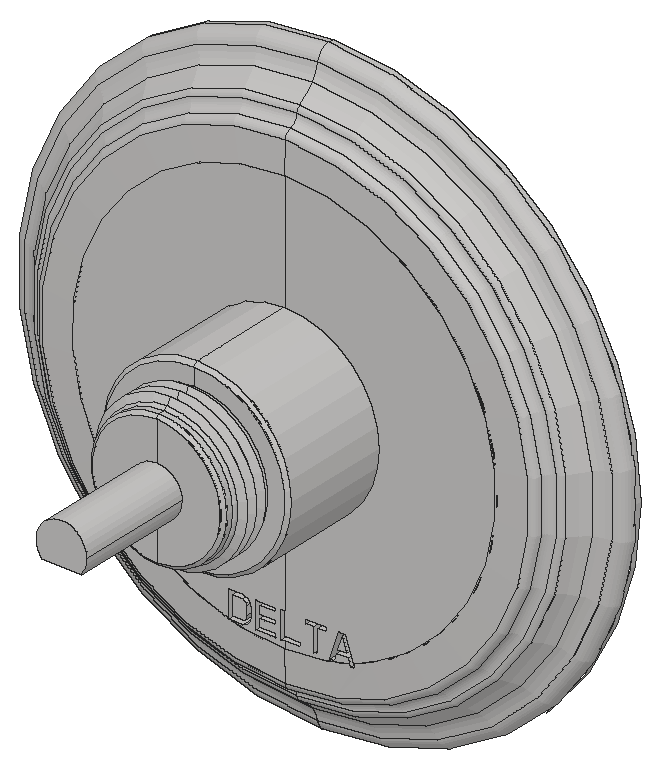
Revit family "Delta Bath Cassidy fgt11897-lhp", category Plumbing Fixtures, host Wall, Revit 2013
Parameters (values of type "Delta Bath Cassidy fgt11897-lhp")
  URL = "http://www.deltafaucet.com "
  Tap = Stainless Steel
  Model = "fgt11897-lhp"
  Manufacturer = "Delta"
  Depth = 0' - 3.97"
Reference planes (in)
  plane 1: y = 0
  plane 2 "Center (Left/Right)": x = 0
  plane 3 "Wall Edge": y = 3
  plane 4: y = -3
Text (in)
  text "Placement Side" at (0, 40.15149, 123.01588), in view "Right"
  text "Placement Side" at (-70.3804, 28.46503, 0), in view "Ref. Level"
  text "Placement Side" at (0, 81.62555, 140.59947), in view "Left"
Dimensions and locks (in)
  locked: plane 3 "Wall Edge" to host wall
  aligned and locked: plane 4 to host wall
  aligned and locked: plane 4 to nested 1
Nested families (in)
  nested 1: "Family16" at (0, -3, 0), type "Family16"
Definition of nested family "Family16"
  Parameters (values of type "Family16")
    Tap = Stainless Steel
  Reference planes (in)
    plane 1 "Center (Front/Back)": y = 0
    plane 2: z = 0
    plane 3 "Center (Left/Right)": x = 0
  Forms (in)
    Revolve 1, solid, material "Stainless Steel" <- "Tap"
      sketch origin (0, 4.623, -42.05888) x (0, 1, 0) y (0, 0, 1)
        loop
          line (-3.17, 66.49898) -> (-3, 66.49898) -> (-3, 66.61298) -> (-3.17, 66.61298) -> (-3.17, 66.49898)
        axis (-3.17, 66.61298) -> (-3, 66.61298)
      angle from 0 to 360
    Revolve 2, solid, material "Stainless Steel" <- "Tap"
      sketch origin (0, 4.623, -42.05888) x (0, 1, 0) y (0, 0, 1)
        loop
          line (-3.893, 67.69798) -> (-3.893, 67.05798) -> (-3.17, 67.05798) -> (-3.17, 67.69798) -> (-3.893, 67.69798)
        axis (-3.17, 67.05798) -> (-3.893, 67.05798)
      angle from 0 to 360
    Revolve 3, solid, material "Stainless Steel" <- "Tap"
      sketch origin (0, 4.623, -42.05888) x (0, 1, 0) y (0, 0, 1)
        loop
          arc (-3.893, 67.90598) -> (-3.90075, 67.92179) -> (-3.918, 67.92535) r 0.02
          arc (-3.918, 67.92535) -> (-3.93525, 67.92179) -> (-3.943, 67.90598) r 0.02
          line (-3.943, 67.90598) -> (-3.943, 67.87519)
          arc (-3.943, 67.87519) -> (-3.95341, 67.85712) -> (-3.973, 67.84998) r 0.03046
          line (-3.973, 67.84998) -> (-4.023, 67.84998)
          arc (-4.023, 67.84998) -> (-4.04259, 67.85712) -> (-4.053, 67.87519) r 0.03046
          line (-4.053, 67.87519) -> (-4.053, 67.90598)
          arc (-4.053, 67.90598) -> (-4.06075, 67.92179) -> (-4.078, 67.92535) r 0.02
          arc (-4.078, 67.92535) -> (-4.09525, 67.92179) -> (-4.103, 67.90598) r 0.02
          line (-4.103, 67.90598) -> (-4.103, 67.87519)
          arc (-4.103, 67.87519) -> (-4.11341, 67.85712) -> (-4.133, 67.84998) r 0.03046
          line (-4.133, 67.84998) -> (-4.183, 67.84998)
          arc (-4.183, 67.84998) -> (-4.20421, 67.85877) -> (-4.213, 67.87998) r 0.03
          line (-4.213, 67.87998) -> (-4.213, 67.92598) -> (-4.313, 67.92598)
          arc (-4.313, 67.92598) -> (-4.33421, 67.93477) -> (-4.343, 67.95598) r 0.03
          line (-4.343, 67.95598) -> (-4.343, 68.01798) -> (-4.423, 68.01798)
          arc (-4.423, 68.01798) -> (-4.43714, 68.01212) -> (-4.443, 67.99798) r 0.02
          line (-4.443, 67.99798) -> (-4.443, 67.77798)
          arc (-4.443, 67.77798) -> (-4.47229, 67.70727) -> (-4.543, 67.67798) r 0.1
          line (-4.543, 67.67798) -> (-4.623, 67.67798) -> (-4.623, 67.05798) -> (-3.893, 67.05798) -> (-3.893, 67.90598)
        axis (-4.623, 67.05798) -> (-3.893, 67.05798)
      angle from 0 to 360
    Revolve 4, solid, material "Stainless Steel" <- "Tap"
      sketch origin (0, 4.623, -42.05888) x (0, 1, 0) y (0, 0, 1)
        loop
          line (-4.623, 67.05845) -> (-4.623, 69.33298) -> (-4.663, 69.33298)
          arc (-4.663, 69.33298) -> (-4.73052, 69.30815) -> (-4.76585, 69.24548) r 0.1042
          arc (-4.76585, 69.24548) -> (-4.78389, 69.18717) -> (-4.81726, 69.13606) r 0.22
          arc (-4.81726, 69.13606) -> (-4.87081, 69.08321) -> (-4.93159, 69.03886) r 0.5067
          arc (-4.93159, 69.03886) -> (-4.95029, 69.02011) -> (-4.95909, 68.99515) r 0.06
          arc (-4.95909, 68.99515) -> (-4.97568, 68.94598) -> (-5.02008, 68.91913) r 0.07551
          arc (-5.02008, 68.91913) -> (-5.05312, 68.90042) -> (-5.06831, 68.86563) r 0.06
          arc (-5.06831, 68.86563) -> (-5.07625, 68.74795) -> (-5.0789, 68.63003) r 2.62622
          line (-5.0789, 68.63003) -> (-5.0789, 67.05845) -> (-4.623, 67.05845)
        axis (-5.0789, 67.05845) -> (-4.623, 67.05845)
      angle from 0 to 360
    Revolve 5, solid, material "Stainless Steel" <- "Tap"
      sketch origin (0, 4.623, -42.05888) x (0, 1, 0) y (0, 0, 1)
        loop
          line (-5.0789, 67.75798) -> (-5.88453, 67.75798) -> (-5.913, 67.72951) -> (-5.913, 67.0588) -> (-5.0789, 67.0588) -> (-5.0789, 67.75798)
        axis (-5.0789, 67.0588) -> (-5.913, 67.0588)
      angle from 0 to 360
    Revolve 6, solid, material "Stainless Steel" <- "Tap"
      sketch origin (0, 4.623, -42.05888) x (0, 1, 0) y (0, 0, 1)
        loop
          arc (-5.913, 67.59904) -> (-5.91754, 67.58229) -> (-5.9299, 67.57011) r 0.0332
          line (-5.9299, 67.57011) -> (-5.96151, 67.62425) -> (-5.99322, 67.56998)
          arc (-5.99322, 67.56998) -> (-6.01151, 67.57336) -> (-6.02343, 67.58764) r 0.0274
          line (-6.02343, 67.58764) -> (-6.04481, 67.62425) -> (-6.07652, 67.56998)
          arc (-6.07652, 67.56998) -> (-6.09401, 67.575) -> (-6.10681, 67.58794) r 0.03596
          line (-6.10681, 67.58794) -> (-6.12773, 67.62415) -> (-6.15782, 67.57336)
          arc (-6.15782, 67.57336) -> (-6.17505, 67.56987) -> (-6.188, 67.55798) r 0.0328
          line (-6.188, 67.55798) -> (-6.238, 67.55798) -> (-6.263, 67.53297) -> (-6.263, 67.05798) -> (-5.913, 67.05798) -> (-5.913, 67.59904)
        axis (-6.263, 67.05798) -> (-5.913, 67.05798)
      angle from 0 to 360
    Extrusion 7, solid, material "Stainless Steel" <- "Tap"
      sketch origin (0, 7.623, -42.05888) x (1, 0, 0) y (0, 0, 1)
        loop
          circle (0, 67.05798) r 0.1875
      from 9.263 to 10.14
    Extrusion 8, void
      sketch origin (0, 4.623, -42.05888) x (0, 1, 0) y (0, 0, 1)
        loop
          line (-7.14, 66.93998) -> (-7.14, 66.83558) -> (-6.82525, 66.83558) -> (-6.82525, 66.93998) -> (-7.14, 66.93998)
      from -0.17902 to 0.18171
    Sweep 9, void
      path origin (0, 4.623, -42.05888) x (0, 1, 0) y (0, 0, 1)
        loop
          line (-5.18159, 68.29027) -> (-4.81726, 68.29027)
      profile origin (0, -0.37643, 26.23138) x (0, 0, 1) y (1, 0, 0)
        loop
          line (-2.74747, -0.41038) -> (-2.54747, -0.41038) -> (-2.54747, -0.31038)
          arc (-2.54747, -0.31038) -> (-2.567, -0.26324) -> (-2.61414, -0.24371) r 0.06667
          line (-2.61414, -0.24371) -> (-2.6808, -0.24371)
          arc (-2.6808, -0.24371) -> (-2.72795, -0.26324) -> (-2.74747, -0.31038) r 0.06667
          line (-2.74747, -0.31038) -> (-2.74747, -0.41038)
        loop
          line (-2.74747, -0.21038) -> (-2.54747, -0.21038) -> (-2.54747, -0.06038) -> (-2.57872, -0.06038) -> (-2.57872, -0.17913) -> (-2.63185, -0.17913) -> (-2.63185, -0.06038) -> (-2.6631, -0.06038) -> (-2.6631, -0.17913) -> (-2.71622, -0.17913) -> (-2.71622, -0.06038) -> (-2.74747, -0.06038) -> (-2.74747, -0.21038)
        loop
          line (-2.74747, -0.02704) -> (-2.54747, -0.02704) -> (-2.54747, 0.00421) -> (-2.71622, 0.00421) -> (-2.71622, 0.12296) -> (-2.74747, 0.12296) -> (-2.74747, -0.02704)
        loop
          line (-2.54747, 0.15629) -> (-2.54747, 0.31462) -> (-2.57872, 0.31462) -> (-2.57872, 0.25108) -> (-2.74747, 0.25108) -> (-2.74747, 0.21983) -> (-2.57872, 0.21983) -> (-2.57872, 0.15629) -> (-2.54747, 0.15629)
        loop
          line (-2.69641, 0.47434) -> (-2.69641, 0.38823) -> (-2.74747, 0.37157) -> (-2.74747, 0.33869) -> (-2.54747, 0.40397) -> (-2.54747, 0.45861) -> (-2.74747, 0.52388) -> (-2.74747, 0.49101) -> (-2.69641, 0.47434)
        loop
          line (-2.56449, 0.43129) -> (-2.66516, 0.46415) -> (-2.66516, 0.39843) -> (-2.56449, 0.43129)
        loop
          line (-2.57872, -0.37913) -> (-2.57872, -0.31038)
          arc (-2.57872, -0.31038) -> (-2.58909, -0.28533) -> (-2.61414, -0.27496) r 0.03542
          line (-2.61414, -0.27496) -> (-2.6808, -0.27496)
          arc (-2.6808, -0.27496) -> (-2.70585, -0.28533) -> (-2.71622, -0.31038) r 0.03542
          line (-2.71622, -0.31038) -> (-2.71622, -0.37913) -> (-2.57872, -0.37913)
    Extrusion 10, void
      sketch origin (0, 7.453, -47) x (1, 0, 0) y (0, 0, 1)
        loop
          line (-0.025, 73.49924) -> (0.025, 73.49924) -> (0.025, 73.69924) -> (-0.025, 73.69924) -> (-0.025, 73.49924)
        loop
          line (-1.54163, 72.02445) -> (-1.74163, 72.02445) -> (-1.74163, 71.97445) -> (-1.54163, 71.97445) -> (-1.54163, 72.02445)
        loop
          line (-1.08467, 73.07764) -> (-1.22609, 73.21906) -> (-1.26145, 73.18371) -> (-1.12003, 73.04229) -> (-1.08467, 73.07764)
      from 7.6376 to 8.52658
  Cuts and joins
    Extrusion 8 cuts Extrusion 7
    Sweep 9 cuts Revolve 4
  Dimensions and locks (in)
    aligned and locked: plane 2 to level
    aligned and locked: Extrusion 7 to Revolve 6
    aligned and locked: Extrusion 8 to Extrusion 7
